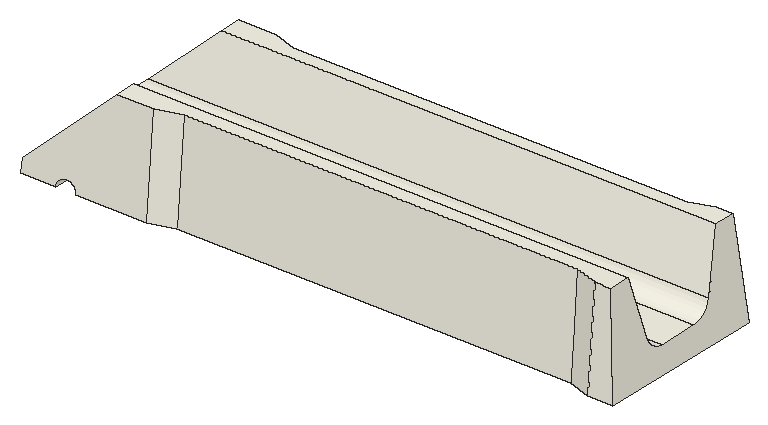
Revit family "Gárgola GAR0635. C-1", category Modelos genéricos, Revit 2020
Family settings
  Puede alojar armadura = No
  Cota de conector redondo = Diámetro de uso
  Tipo de pieza = Normal
  Se basa en plano de trabajo = No
  Siempre vertical = No
  Corte con vacíos al cargar = No
  Compartido = No
  Punto de cálculo de habitación = No
Parameters
  Descripción = "Pieza de hormigón polímero"
  URL = "https://www.ulmaarchitectural.com/es-es"
  Modelo = "Gárgola GAR-0635"
  Material = Hormigón polímero STONEO. Color C-1
  Longitud real [instance] = 350 mm
  Fabricante = "ULMA Architectural Solutions"
  Elevación por defecto = 0 mm
  Código de montaje = "GAR-0635"
  Ancho total = 100 mm
Reference planes
  plane 1 "Centro (Frontal/Posterior)": y = 0
  plane 2: z = 0
  plane 3 "Centro (Izquierda/Derecha)": x = 0
  plane 4: x = 53
Forms (mm)
  Extrusion 1, solid, material "Hormigón polímero STONEO. Color C-1" <- "Material"
    sketch origin (0, 0, 0) x (0, 1, 0) y (0, 0, 1)
      loop
        line (-50, 0) -> (50, 0) -> (44.926, 58) -> (32.426, 58) -> (23.287, 23.894)
        arc (23.287, 23.894) -> (19.001, 17.48) -> (11.696, 15) r 12
        line (11.696, 15) -> (-11.696, 15)
        arc (-11.696, 15) -> (-19.001, 17.48) -> (-23.287, 23.894) r 12
        line (-23.287, 23.894) -> (-32.426, 58) -> (-44.926, 58) -> (-50, 0)
    from 0 to 350
  Extrusion 2, void
    sketch origin (0, 0, 0) x (-1, 0, 0) y (0, 0, 1)
      loop
        line (0, 0) -> (25, 0) -> (25, 88) -> (-53, 88) -> (-53, 58) -> (-0.7, 8) -> (0, 0)
    from -252.421 to 250
  Extrusion 3, void
    sketch origin (0, 0, 0) x (-1, 0, 0) y (0, 0, 1)
      loop
        arc (-21, 0) -> (-27, 6) -> (-33, 0) r 6
        line (-33, 0) -> (-21, 0)
    from -122.189 to 250
  Extrusion 4, void
    sketch origin (0, 0, 0) x (-1, 0, 0) y (0, 0, 1)
      loop
        line (-350, 0) -> (-344.926, 58) -> (-414.926, 58) -> (-414.926, 0) -> (-350, 0)
    from -265.918 to 250
  Sweep 5, void
    path origin (0, 0, 0) x (0, 1, 0) y (0, 0, 1)
      loop
        line (51.75, -20) -> (43.176, 78)
    profile origin (0, 47.463, 29) x (0, -0.996195, -0.087156) y (1, 0, 0)
      loop
        line (0, 75) -> (4.615, 88.895) -> (4.615, 321.21) -> (0, 335) -> (0, 75)
  Sweep 6, void
    path origin (0, 0, 0) x (0, -1, 0) y (0, 0, -1)
      loop
        line (51.75, 20) -> (43.176, -78)
    profile origin (0, -47.463, 29) x (0, -0.996195, 0.087156) y (1, 0, 0)
      loop
        line (0, 75) -> (0, 335) -> (-4.615, 321.21) -> (-4.615, 88.895) -> (0, 75)
Cuts and joins
  Extrusion 2, Extrusion 3, Extrusion 4, Sweep 5, Sweep 6 cuts Extrusion 1
Dimensions and locks
  "Longitud real": Extrusion 1 to Extrusion 1
  "Ancho total": Extrusion 1 sketch curve to Extrusion 1 sketch curve
  Extrusion 1 sketch curve to level = 58 mm
  Extrusion 1 sketch curve to Extrusion 1 sketch curve = 12.5 mm  (x2)
  Extrusion 1 sketch curve to Extrusion 1 sketch curve = 15 mm
  Extrusion 2 sketch curve to level = 8 mm
  plane 3 "Centro (Izquierda/Derecha)" to Sweep 5 sketch curve = 75 mm
  Sweep 5 sketch curve to Sweep 5 sketch curve = 4.598 mm
  Sweep 5 sketch curve to Sweep 5 sketch curve = 260 mm
  Sweep 6 sketch curve to Sweep 6 sketch curve = 4.598 mm
  Sweep 6 sketch curve to Sweep 6 sketch curve = 260 mm
  radius of Extrusion 1 sketch curve = 12 mm  (x2)
  radius of Extrusion 3 sketch curve = 6 mm
  angle level to Extrusion 1 sketch curve = 85.00°
  angle Extrusion 1 sketch curve to level = 85.00°
  angle Extrusion 1 sketch curve to Extrusion 1 sketch curve = 75.00°  (x2)
  angle Extrusion 2 sketch curve to Extrusion 2 sketch curve = 95.00°
  angle level to Extrusion 4 sketch curve = 95.00°
  angle Sweep 5 sketch curve to Sweep 5 sketch curve = 161.692°
  angle Sweep 5 sketch curve to Sweep 5 sketch curve = 161.561°
  angle Sweep 6 sketch curve to Sweep 6 sketch curve = 161.692°
  angle Sweep 6 sketch curve to Sweep 6 sketch curve = 161.561°
  aligned and locked: level to plane 2
  aligned and locked: Extrusion 1 sketch curve to level
Automatic sketch dimensions
  Extrusion 2 sketch curve to plane 4 = 0 mm
  Extrusion 2 sketch curve to level = 0 mm
  Extrusion 2 sketch curve to plane 3 "Centro (Izquierda/Derecha)" = 0 mm
  Extrusion 2 sketch curve to plane 3 "Centro (Izquierda/Derecha)" = 25 mm
  level to Extrusion 2 sketch curve = 58 mm
  Extrusion 2 sketch curve to Extrusion 2 sketch curve = 30 mm
  Extrusion 3 sketch curve to level = 0 mm
  plane 3 "Centro (Izquierda/Derecha)" to Extrusion 3 sketch curve = 33 mm
  Extrusion 4 sketch curve to level = 0 mm
  level to Extrusion 4 sketch curve = 58 mm
  plane 3 "Centro (Izquierda/Derecha)" to Extrusion 4 sketch curve = 414.926 mm
  Extrusion 4 sketch curve to Extrusion 4 sketch curve = 64.926 mm
  Sweep 5 sketch curve to plane 1 "Centro (Frontal/Posterior)" = 43.176 mm
  Sweep 5 sketch curve to level = 20 mm
  Sweep 5 sketch curve to plane 1 "Centro (Frontal/Posterior)" = 51.75 mm
  level to Sweep 5 sketch curve = 78 mm
  Sweep 5 sketch curve to profile plane = 0 mm
  plane 1 "Centro (Frontal/Posterior)" to Sweep 6 sketch curve = 43.176 mm
  level to Sweep 6 sketch curve = 78 mm
  Sweep 6 sketch curve to level = 20 mm
  plane 1 "Centro (Frontal/Posterior)" to Sweep 6 sketch curve = 51.75 mm
  Sweep 6 sketch curve to profile plane = 0 mm
  plane 3 "Centro (Izquierda/Derecha)" to Sweep 6 sketch curve = 75 mm
  plane 1 "Centro (Frontal/Posterior)" to Extrusion 1 sketch curve = 50 mm
  plane 1 "Centro (Frontal/Posterior)" to Extrusion 1 sketch curve = 44.926 mm
  Extrusion 1 sketch curve to Extrusion 1 sketch curve = 11.591 mm  (x2)
